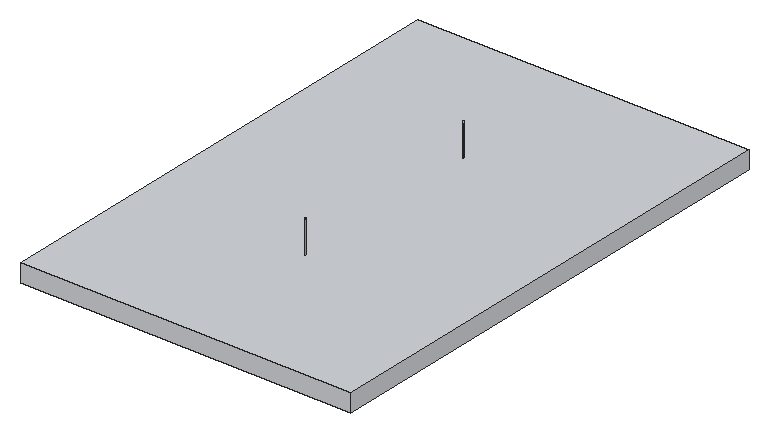
Revit family "V-LENSESxx152xxSIxx", category Leuchten, Revit 2020
Family settings
  Basisbauteil = Fläche
  Bemaßung runder Anschluss = Durchmesser verwenden
  Teiletyp = Normal
  OmniClass-Nummer = 23.80.70.11
  OmniClass-Titel = Luminaries for Internal Lighting
  Beim Laden mit Abzugskörper schneiden = Nein
  Lichtquelle = Ja
  Gemeinsam genutzt = Nein
  Raumberechnungspunkt = Nein
Parameters (values of type "V-LENSES-D152-5RFSI830B0600")
  width = 113 mm  # constant formula
  weight = "3,7"
  voltage type (AC, DC, UC) = "AC"
  suspension hight [instance] = 200 mm
  rated input power = 38
  product name = "V-LENSES-D152-5RFSI830B0600\r\nV-LENSES-D150-5RFWS840B0550"
  nominal voltage = "230"
  nominal frequency = "50-60Hz"
  length = 1528 mm  # constant formula
  ingress protection (IP) code = "IP20"
  height = 83 mm  # constant formula
  electrical safety class = "1"
  control gear = ""
  conformity mark = "CE"  # constant formula
  brand = "RIDI"
  approval mark = ""
  built-in parameter 1150104 = 13.8 (stored number, unit not read)
  Wattage = 41.739 W
  Von Breite des Rechtecks ausssenden = 1524 mm  # constant formula
  Von Länge des Rechtecks aussenden = 111 mm  # constant formula
  Default Elevation = 0 mm
  built-in parameter 1150113 = 1 (stored number, unit not read)
  built-in parameter 1114218 = 1 (stored number, unit not read)
  URL = "www.ridi.de"
  built-in parameter 1150134 = (empty or 0)
  built-in parameter 1150109 = 1 (stored number, unit not read)
  built-in parameter 1150110 = 1 (stored number, unit not read)
  Apparent Load = 38 VA
  Tilt Angle = 90.00°
  Modell = "1522569SI"
  built-in parameter 1114217 = 1 (stored number, unit not read)
  built-in parameter 1150139 = (empty or 0)
  built-in parameter 1150105 = 493.38 (stored number, unit not read)
  built-in parameter 1150114 = 1 (stored number, unit not read)
  Lumens = 6200 lm
  built-in parameter 1150115 = 1 (stored number, unit not read)
  built-in parameter 1150112 = 1 (stored number, unit not read)
  Lampe = "LED"
  Hersteller = "RIDI Leuchten GmbH"  # constant formula
  Dimming Lamp Color Temperature Shift = (empty or 0)
  Color Filter = 16777215
  built-in parameter 1150133 = 10 (stored number, unit not read)
  Emit Shape Visible in Rendering = no
  built-in parameter 1150137 = (empty or 0)
  built-in parameter 1150132 = 2
  Datei für fotometrisches Netz = "V-LENSES-D.IES"
  Copyright = "© RIDI. All rights reserved."  # constant formula
  built-in parameter 1150106 = 4.9338 (stored number, unit not read)
  Baugruppenkennzeichen = "D5020200"
  built-in parameter 1150107 = 3000 (stored number, unit not read)
  built-in parameter 1150102 = (empty or 0)
  built-in parameter 1150138 = (empty or 0)
Types (9, lengths in mm): name | weight | rated input power | product name | Wattage | built-in parameter 1150134 | Apparent Load | Modell | built-in parameter 1150105 | Lumens | Datei für fotometrisches Netz | built-in parameter 1150106 | built-in parameter 1150107
  (no name) | "3,7" | 38 | "V-LENSES-D152-5RFSI830B0600\r\nV-LENSES-D150-5RFWS840B0550" | 41.739 W | (empty or 0) | 38 VA | "1522569SI" | 493.38 (stored number, unit not read) | 6200 lm | "V-LENSES-D.IES" | 4.9338 (stored number, unit not read) | 3000 (stored number, unit not read)
  V-LENSES-D152-5RFSI830B0600 | "3,7" | 38 | "V-LENSES-D152-5RFSI830B0600\r\nV-LENSES-D150-5RFWS840B0550" | 41.739 W | (empty or 0) | 38 VA | "1522569SI" | 493.38 (stored number, unit not read) | 6200 lm | "V-LENSES-D.IES" | 4.9338 (stored number, unit not read) | 3000 (stored number, unit not read)
  V-LENSES-D152-5RFSI840B0650 | "3,7" | 38 | "V-LENSES-D152-5RFSI840B0650\r\nV-LENSES-D150-5RFWS840B0550" | 43.0855 W | 12 | 38 VA | "1522561SI" | 3492.5 (stored number, unit not read) | 6400 lm | "V-LENSES-D.IES" | 34.925 (stored number, unit not read) | 4000 (stored number, unit not read)
  V-LENSES-D152-7DASI830B0500 | "3,7" | 33 | "V-LENSES-D152-7DASI830B0500\r\nV-LENSES-D150-5RFWS840B0550" | 35.5455 W | (empty or 0) | 33 VA | "1532565SI" | 2881.3 (stored number, unit not read) | 5280 lm | "V-LENSES-D.IES" | 28.813 (stored number, unit not read) | 3000 (stored number, unit not read)
  V-LENSES-D152-7DASI840B0500 | "3,7" | 33 | "V-LENSES-D152-7DASI840B0500\r\nV-LENSES-D150-5RFWS840B0550" | 37.0266 W | 12 | 33 VA | "1532557SI" | 3001.4 (stored number, unit not read) | 5500 lm | "V-LENSES-D.IES" | 30.014 (stored number, unit not read) | 4000 (stored number, unit not read)
  V-LENSES-DI152-5RFSI830B0850 | "4" | 56 | "V-LENSES-DI152-5RFSI830B0850\r\nV-LENSES-D150-5RFWS840B0550" | 55.8765 W | (empty or 0) | 56 VA | "1522570SI" | 4529.3 (stored number, unit not read) | 8300 lm | "V-LENSES-DI.IES" | 45.293 (stored number, unit not read) | 3000 (stored number, unit not read)
  V-LENSES-DI152-5RFSI840B0850 | "4" | 56 | "V-LENSES-DI152-5RFSI840B0850" | 58.5693 W | 12 | 56 VA | "1522562SI" | 3415.3 (stored number, unit not read) | 8700 lm | "V-LENSES-DI.IES" | 34.153 (stored number, unit not read) | 4000 (stored number, unit not read)
  V-LENSES-DI152-7DASI830B0750 | "4" | 47 | "V-LENSES-DI152-7DASI830B0750" | 49.8176 W | (empty or 0) | 47 VA | "1532566SI" | 2905 (stored number, unit not read) | 7400 lm | "V-LENSES-DI.IES" | 29.05 (stored number, unit not read) | 3000 (stored number, unit not read)
  V-LENSES-DI152-7DASI840B0750 | "4" | 47 | "V-LENSES-DI152-7DASI840B0750" | 51.9045 W | 12 | 47 VA | "1532558SI" | 3026.7 (stored number, unit not read) | 7710 lm | "V-LENSES-DI.IES" | 30.267 (stored number, unit not read) | 4000 (stored number, unit not read)
Reference planes
  plane 1 "Mitte (Vorne/hinten)": y = 0
  plane 2: z = 0
  plane 3 "Mitte (Links/rechts)": x = 0
  plane 4: z = 200
Forms (mm)
  Extrusion 1, solid
    sketch origin (219.2, 280.8, 0) x (1, 0, 0) y (0, 1, 0)
      loop
        line (-1219.2, 1219.2) -> (-1219.2, -1780.8) -> (780.8, -1780.8) -> (780.8, 1219.2) -> (-1219.2, 1219.2)
    from 0 to -107.307
  Extrusion 2, solid
    sketch origin (0, 0, 0) x (1, 0, 0) y (0, 1, 0)
      loop
        circle (0, 600) r 2
      loop
        circle (0, -600) r 2
    from 0 to 200.368
Dimensions and locks
  "suspension hight": plane 4 to Extrusion 1
  locked: plane 1 "Mitte (Vorne/hinten)" to Extrusion 2 sketch curve at 600
  locked: Extrusion 2 sketch curve to plane 1 "Mitte (Vorne/hinten)" at 600
  locked: imposter light to plane 4 at 82.5
  aligned and locked: plane 2 to Extrusion 1
  aligned and locked: imposter light to plane 3 "Mitte (Links/rechts)"
  aligned and locked: import instance to Extrusion 2
  aligned and locked: import instance to plane 4
Automatic sketch dimensions
  Extrusion 1 sketch curve to Extrusion 1 sketch curve = 2000 mm
  Extrusion 1 sketch curve to Extrusion 1 sketch curve = 3000 mm
  Extrusion 2 sketch curve to plane 3 "Mitte (Links/rechts)" = 0 mm  (x2)
  radius of Extrusion 2 sketch curve = 2 mm  (x2)
Connectors
  electrical at (0, -600, 200.368), driven by "Apparent Load"
    settings: on Extrusion 2, index 1, voltage 230 V, apparent load 0 VA, apparent load phase1 38 VA, apparent load phase2 0 VA, apparent load phase3 0 VA, power factor 1, load classification "Lighting", number of poles 1, system type 31, power factor state 1, is connector primary yes, connector utility no, sub classification motor no, connector description ""
